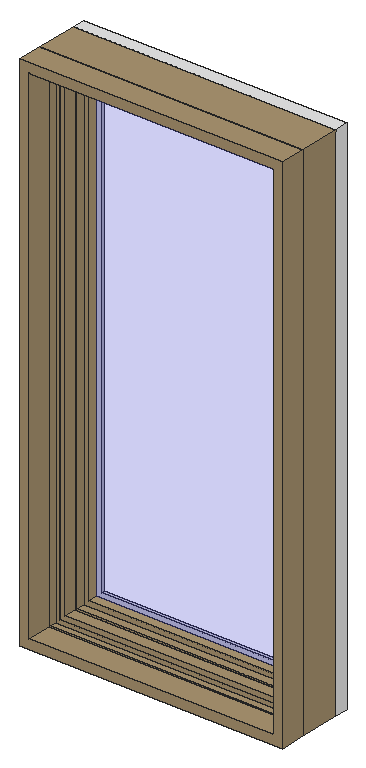
Revit family "Window-Casement-Pella-Architect-Contemporary-Vent-1", category Windows, host Wall, Revit 2013
Parameters (values of type "Casement No Grille")
  Warranty = "https://content.pella.com/cs/groups/public/documents/document/mdaw/mde3/~edisp/pel-017828.pdf?_ga=1.89380059.1797906072.1467308852"
  Wall Thickness [instance] = 0' - 6"
  Visual Light Transmittance = 0
  Vertical Grille Spacing = (Width - 0' 4 47/64") / (Vertical Mullions + 1)  # 0' - 6 27/64"
  Vertical Grille Offset = Vertical Grille Spacing  # 0' - 6 27/64"
  Traditional Grille Single Vertical = and(Traditional Lites Wide = 2, Traditional Grille)  # no
  Traditional Grille Single Horizontal = and(Traditional Lites High = 2, Traditional Grille)  # no
  Traditional Grille Array Vertical = and(Traditional Lites Wide > 2, Traditional Grille)  # no
  Traditional Grille = no
  Traditional Lites Wide = 2
  Nail Fin = yes
  Max Lites = 10  # constant formula
  Horizontal Mullions = if(and(Traditional Lites High < Max Lites, Traditional Lites High > 3), Traditional Lites High - 1, if(or(Traditional Lites High = Max Lites, Traditional Lites High > Max Lites), Max Lites - 1, 2))  # 2
  URL = "http://professional.pella.com"
  Type Comments = "Casement"  # constant formula
  Traditional Grille Array Horizontal = and(Traditional Lites High > 2, Traditional Grille)  # no
  Thermal Resistance (R) = 10.0000 (h·ft²·°F)/BTU
  Specification = "http://media.pella.com/professional/adm/Wood-CSI_Specs/08551.rtf"
  Solar Heat Gain Coefficient = 0
  Rough Width = Width + 0' 0 3/4"  # 2' - 0 3/4"
  Rough Height = Height + 0' 0 3/4"  # 4' - 0 3/4"
  Requested Height = 4' - 0"
  Product Page URL = "http://professional.pella.com/windows/product-details/casement-architect"
  Product Name = "Architect Series Contemporary"  # constant formula
  Product Documentation Link = "http://media.pella.com/professional/adm/Clad-Wood/CM_ASSZTAB.pdf"
  Prairie Offset = 0' - 3"  # constant formula
  Prairie Grille = no
  Operation = "Operable"  # constant formula
  Offset = 0' - 0"
  Mullions = 0' - 0 7/8"  # constant formula
  Model = "Casement Vent"  # constant formula
  Min Width = 1' - 5"  # constant formula
  Min Height = 1' - 5"  # constant formula
  Max Width = 2' - 11"  # constant formula
  Max Height = 6' - 1"  # constant formula
  Material = "Wood - Pine"  # constant formula
  Manufacturer = "Pella"  # constant formula
  Requested Width = 2' - 0"
  LEED = "http://professional.pella.com/support/leed"
  Jamb Extensions Depth [instance] = if(Jamb Extensions Calc > 0' 0 1/8", Jamb Extensions Calc, 0' 0 1/8")  # 0' - 2 9/32"
  Jamb Extensions Calc [instance] = if(Offset > 0' 0", Wall Thickness - 0' 3 23/32" + Offset, Wall Thickness - 0' 3 23/32" - Inset)  # 0' - 2 9/32"
  Jamb Extensions = yes
  Interior Finish = Wood-Pella-Pine
  Inset = 0' - 0"
  Horizontal Grille Spacing = (Height - 0' 4 47/64") / (Horizontal Mullions + 1)  # 1' - 2 27/64"
  Horizontal Grille Offset = Horizontal Grille Spacing  # 1' - 2 27/64"
  Traditional Lites High = 2
  Height = if(and(Requested Height < Max Height, Requested Height > Min Height), Requested Height, if(or(Requested Height = Max Height, Requested Height > Max Height), Max Height, Min Height))  # 4' - 0"
  Heat Transfer Coefficient (U) = 0.1000 BTU/(h·ft²·°F)
  Grille Width = Width - 0' 4 47/64"  # 1' - 7 17/64"
  Grille Height = Height - 0' 4 47/64"  # 3' - 7 17/64"
  Vertical Mullions = if(and(Traditional Lites Wide < Max Lites, Traditional Lites Wide > 2), Traditional Lites Wide - 1, if(or(Traditional Lites Wide = Max Lites, Traditional Lites Wide > Max Lites), Max Lites - 1, 2))  # 2
  Glazing = Glass-Pella-Low_E-Argon
  Glass Thickness = 0' - 0 11/16"  # constant formula
  Finish = Aluminum-Pella-EnduraClad-White
  Energy Star = "http://www.pella.com/features-options/energy-efficiency/energy-star/"
  Description = "Aluminum Clad Wood Window"  # constant formula
  Depth = 0' - 5 1/128"  # constant formula
  Default Sill Height = 3' - 0"  # constant formula
  Wall Closure = By host
  Width = if(and(Requested Width < Max Width, Requested Width > Min Width), Requested Width, if(or(Requested Width = Max Width, Requested Width > Max Width), Max Width, Min Width))  # 2' - 0"
  Cladding = "Aluminum"  # constant formula
  Assembly Code = "B2020130"
  Analytic Construction = "<None>"
Types (4): name | Visual Light Transmittance | Traditional Grille Single Vertical | Traditional Grille Single Horizontal | Traditional Grille | Thermal Resistance (R) | Solar Heat Gain Coefficient | Prairie Grille | Heat Transfer Coefficient (U) | Analytic Construction
  (no name) | 0 | no | no | no | 1.7611 m²·K/W | 0 | no | 0.56783 W/(m²·K) | "<None>"
  Casement Traditional Grille | 0.76 | yes | yes | yes | 2.8573 (h·ft²·°F)/BTU | 0.65 | no | 0.3500 BTU/(h·ft²·°F) | "Double glazing - 1/8 in thick - low-E/clear (e = 0.2) glass"
  Casement Prairie Grille | 0.76 | no | no | no | 2.8573 (h·ft²·°F)/BTU | 0.65 | yes | 0.3500 BTU/(h·ft²·°F) | "Double glazing - 1/8 in thick - low-E/clear (e = 0.2) glass"
  Casement No Grille | 0 | no | no | no | 10.0000 (h·ft²·°F)/BTU | 0 | no | 0.1000 BTU/(h·ft²·°F) | "<None>"
Reference planes (in)
  plane 1 "Center (Front/Back)": y = 0
  plane 2: z = 0
  plane 3 "Center (Left/Right)": x = 0
  plane 4 "Left": x = -12
  plane 5 "Right": x = 12
  plane 6 "Sill": z = 36
  plane 7 "Top": z = 84
  plane 8 "Nail Flange": y = 3
  plane 9 "Glass Front": y = 3.19273
  plane 10 "Glass Back": y = 2.50523
  plane 11 "Front": y = 4.2919
  plane 12 "Back": y = -0.71591
  plane 13 "Glass Bottom": z = 37.99998
  plane 14 "Glass Top": z = 82.00002
  plane 15 "Glass Left": x = -10.00002
  plane 16 "Glass Right": x = 10.00002
  plane 17 "Inset": y = 3
  plane 18 "Jamb Extension": y = -0.71875
  plane 19 "Grille Bottom": z = 38.36679
  plane 20: z = 81.63321
  plane 21: x = 9.63321
  plane 22: x = -9.63321
  plane 23 "Prarie Right": x = 6.63321
  plane 24 "Prarie Left": x = -6.63321
  plane 25 "Prarie Top": z = 78.63321
  plane 26 "Prarie Bottom": z = 41.36679
  plane 27 "Center (Elevation)": z = 60
Forms (in)
  Sweep 1, solid, material "Wood-Pella-Pine" <- "Interior Finish", detail levels medium+fine
    path origin (0, 3, 0) x (-1, 0, 0) y (0, 0, 1)
      loop
        line (-12, 36) -> (12, 36) -> (12, 84) -> (-12, 84) -> (-12, 36)
    profile origin (-12, 3, 60) x (1, 0, 0) y (0, 1, 0)
      loop
        line (0, -3.71591) -> (0.875, -3.71591) -> (0.875, -3.04312) -> (1.25, -3.04312) -> (1.25, -1.52632) -> (1.029, -1.52632) -> (1.029, -0.84457) -> (0.72995, -0.84457) -> (0.72995, 0.33204) -> (0.259, 0.33204) -> (0.259, 0.08771) -> (0, 0.08771) -> (0, -3.71591)
  Sweep 2, solid, material "Aluminum-Pella-EnduraClad-White" <- "Finish", detail levels medium+fine
    path origin (0, 3, 0) x (-1, 0, 0) y (0, 0, 1)
      loop
        line (-12, 36) -> (12, 36) -> (12, 84) -> (-12, 84) -> (-12, 36)
    profile origin (-12, 3, 60) x (1, 0, 0) y (0, 1, 0)
      loop
        line (0.72995, -0.35799) -> (0.814, -0.35799) -> (0.814, 0.08998) -> (0.76564, 0.64798) -> (0.76564, 1.2299) -> (0.57394, 1.2299) -> (0.36396, 1.2919) -> (0.197, 1.2919) -> (0.197, 0.9179) -> (0.09, 0.9179) -> (0.09, 1.24933) -> (0, 1.24933) -> (0, 0.0999) -> (0.259, 0.0999) -> (0.259, 0.33204) -> (0.72995, 0.33204) -> (0.72995, -0.35799)
      loop
        line (1.012, 0.30847) -> (1.88298, 0.30847) -> (1.88298, 0.19273) -> (2.45587, 0.19273) -> (2.36679, 0.63726) -> (1.012, 0.63726) -> (1.012, 0.30847)
  Extrusion 3, solid, material "Glass-Pella-Low_E-Argon" <- "Glazing"
    sketch origin (0, 0, 36) x (0, -1, 0) y (1, 0, 0)
      loop
        line (-2.50523, -10.00002) -> (-2.50523, 10.00002) -> (-3.19273, 10.00002) -> (-3.19273, -10.00002) -> (-2.50523, -10.00002)
    from 1.99998 to 46.00002
  Sweep 4, solid, material "Aluminum-Pella-EnduraClad-White" <- "Finish", detail levels coarse
    path origin (0, 3, 0) x (-1, 0, 0) y (0, 0, 1)
      loop
        line (-12, 36) -> (12, 36) -> (12, 84) -> (-12, 84) -> (-12, 36)
    profile origin (-12, 3, 60) x (1, 0, 0) y (0, 1, 0)
      loop
        line (0, 0) -> (2.46, 0) -> (2.46, 0.63726) -> (0.76564, 0.63726) -> (0.76564, 1.2919) -> (0, 1.2919) -> (0, 0)
  Sweep 5, solid, material "Wood-Pella-Pine" <- "Interior Finish", detail levels coarse
    path origin (0, 3, 0) x (-1, 0, 0) y (0, 0, 1)
      loop
        line (-12, 36) -> (12, 36) -> (12, 84) -> (-12, 84) -> (-12, 36)
    profile origin (-12, 3, 60) x (1, 0, 0) y (0, 1, 0)
      loop
        line (0, -3.71591) -> (1.719, -3.71591) -> (1.719, -1.11274) -> (2.46, -1.11274) -> (2.46, 0) -> (0, 0) -> (0, -3.71591)
  Sweep 6, solid, material "Wood-Pella-Pine" <- "Interior Finish", visible <- "Jamb Extensions"
    path origin (0, -0.71875, 0) x (-1, 0, 0) y (0, 0, 1)
      loop
        line (-12, 36) -> (12, 36) -> (12, 84) -> (-12, 84) -> (-12, 36)
    profile origin (-12, -0.71875, 60) x (1, 0, 0) y (0, 1, 0)
      loop
        line (0, -2.28125) -> (0.812, -2.28125) -> (0.812, 0) -> (0, 0) -> (0, -2.28125)
  Sweep 7, solid, material "Wood-Pella-Pine" <- "Interior Finish", detail levels medium+fine
    path origin (0, 2.50523, 0) x (-1, 0, 0) y (0, 0, 1)
      loop
        line (-12, 36) -> (12, 36) -> (12, 84) -> (-12, 84) -> (-12, 36)
    profile origin (-12, 2.50523, 60) x (1, 0, 0) y (0, 1, 0)
      loop
        line (1.25, 0.80325) -> (1.25, -2.54796) -> (1.719, -2.54796) -> (1.719, -1.40696) -> (1.875, -1.40696) -> (1.875, -0.61796) -> (2.344, -0.61796) -> (2.47535, 0) -> (1.88298, 0) -> (1.88298, 0.80325) -> (1.25, 0.80325)
Lines and regions (in)
  Opening 1
    outline origin (-60, -3, 0) x (1, 0, 0) y (0, 0, 1)
      loop
        line (48, 84) -> (48, 36) -> (72, 36) -> (72, 84) -> (48, 84)
  Masking region 1, detail levels coarse
    outline origin (0, 0, 36) x (0, -1, 0) y (1, 0, 0)
      loop
        line (-3.19273, -9.54) -> (-2.50523, -9.54) -> (-2.50523, 9.54) -> (-3.19273, 9.54) -> (-3.19273, -9.54)
  Masking region 2, detail levels coarse
    outline origin (0, 0, 0) x (0, 1, 0) y (0, 0, 1)
      loop
        line (3.19273, 38.46) -> (3.19273, 81.54) -> (2.50523, 81.54) -> (2.50523, 38.46) -> (3.19273, 38.46)
  Masking region 3, detail levels medium+fine
    outline origin (0, 0, 0) x (0, 1, 0) y (0, 0, 1)
      loop
        line (3.19273, 37.99998) -> (3.19273, 82.00002) -> (3.06773, 82.00002) -> (3.06773, 37.99998) -> (3.19273, 37.99998)
      loop
        line (2.63023, 37.99998) -> (2.63023, 82.00002) -> (2.50523, 82.00002) -> (2.50523, 37.99998) -> (2.63023, 37.99998)
  Masking region 4, detail levels medium+fine
    outline origin (0, 0, 36) x (0, -1, 0) y (1, 0, 0)
      loop
        line (-2.50523, -10.00002) -> (-2.50523, 10.00002) -> (-2.63023, 10.00002) -> (-2.63023, -10.00002) -> (-2.50523, -10.00002)
      loop
        line (-3.06773, -10.00002) -> (-3.06773, 10.00002) -> (-3.19273, 10.00002) -> (-3.19273, -10.00002) -> (-3.06773, -10.00002)
  Masking region 5, visible <- "Jamb Extensions"
    outline origin (0, 0, 60) x (1, 0, 0) y (0, 1, 0)
      loop
        line (-12, -3) -> (-11.188, -3) -> (-11.188, -0.71591) -> (-12, -0.71591) -> (-12, -3)
      loop
        line (11.188, -3) -> (12, -3) -> (12, -0.71591) -> (11.188, -0.71591) -> (11.188, -3)
  Masking region 6, visible <- "Jamb Extensions"
    outline origin (0, 0, 0) x (0, 1, 0) y (0, 0, 1)
      loop
        line (-0.71591, 36) -> (-0.71591, 36.812) -> (-3, 36.812) -> (-3, 36) -> (-0.71591, 36)
      loop
        line (-0.71591, 83.188) -> (-0.71591, 84) -> (-3, 84) -> (-3, 83.188) -> (-0.71591, 83.188)
  symbolic lines, style "Elevation Swing"
    curve 1: line (12, 4.2919, 36) -> (0, 4.2919, 84)
    curve 2: line (0, 4.2919, 84) -> (-12, 4.2919, 36)
Text (in)
  text "EXTERIOR" at (-58.6888, 50.90694, 0), in view "Ref. Level"
  text "INTERIOR" at (-58.6888, -37.76638, 0), in view "Ref. Level"
  text "Exterior" at (0, 43.65631, 123.19604), in view "Left"
  text "Exterior" at (0, 18.29385, 125.04747), in view "Right"
Dimensions and locks (in)
  equal spacing: plane 4 "Left", plane 3 "Center (Left/Right)", plane 5 "Right"
  "Width": plane 4 "Left" to plane 5 "Right"
  "Height": plane 6 "Sill" to plane 7 "Top"
  "Default Sill Height": plane 2 to plane 6 "Sill"
  locked: plane 9 "Glass Front" to plane 8 "Nail Flange" at 0.19273
  "Offset": plane 8 "Nail Flange" to plane 17 "Inset"
  locked: Masking region 1 sketch curve to plane 16 "Glass Right" at 0.46002
  locked: plane 15 "Glass Left" to Masking region 1 sketch curve at 0.46002
  locked: Masking region 2 sketch curve to plane 14 "Glass Top" at 0.46002
  locked: plane 13 "Glass Bottom" to Masking region 2 sketch curve at 0.46002
  locked: plane 9 "Glass Front" to Masking region 3 sketch curve at 0.125
  locked: Masking region 3 sketch curve to plane 10 "Glass Back" at 0.125
  locked: Masking region 4 sketch curve to plane 10 "Glass Back" at 0.125
  locked: plane 9 "Glass Front" to Masking region 4 sketch curve at 0.125
  locked: plane 11 "Front" to plane 8 "Nail Flange" at 1.2919
  "Depth": plane 11 "Front" to plane 12 "Back"
  plane 4 "Left" to Sweep 2 sketch curve to Sweep 2 sketch curve to Sweep 2 sketch curve to Sweep 2 sketch curve to Sweep 2 sketch curve to Sweep 2 sketch curve to Sweep 2 sketch curve to Sweep 2 sketch curve = 0' - 0.09" locked, 0' - 0.107" locked, 0' - 0.062" locked, 0' - 0.10496" locked, 0' - 0.20997" locked, 0' - 0.15601" locked, 0' - 0.0357" locked, 0' - 0.04836" locked
  plane 11 "Front" to Sweep 2 sketch curve to Sweep 2 sketch curve to Sweep 2 sketch curve to Sweep 2 sketch curve to Sweep 2 sketch curve to Sweep 2 sketch curve to Sweep 2 sketch curve to Sweep 2 sketch curve = 0' - 0.04257" locked, 0' - 0.01943" locked, 0' - 0.312" locked, 0' - 0.26992" locked, 0' - 0.31594" locked, 0' - 0.23214" locked, 0' - 0.00992" locked, 0' - 0.44797" locked
  locked: plane 6 "Sill" to plane 13 "Glass Bottom" at 1.99998
  locked: plane 7 "Top" to plane 14 "Glass Top" at 1.99998
  locked: plane 16 "Glass Right" to plane 5 "Right" at 1.99998
  locked: plane 4 "Left" to plane 15 "Glass Left" at 1.99998
  locked: Sweep 4 sketch curve to plane 8 "Nail Flange" at 0.63726
  plane 4 "Left" to Sweep 4 sketch curve to Sweep 4 sketch curve = 0' - 0 49/64" locked, 0' - 1.69436" locked
  locked: plane 8 "Nail Flange" to Sweep 5 sketch curve at 1.11274
  plane 4 "Left" to Sweep 5 sketch curve to Sweep 5 sketch curve = 0' - 1.719" locked, 0' - 0.741" locked
  "Inset": host wall to plane 17 "Inset"
  "Wall Thickness": host wall to host wall
  "Jamb Extensions Depth": host wall to plane 18 "Jamb Extension"
  locked: plane 4 "Left" to Sweep 6 sketch curve at 0.812
  locked: plane 20 to plane 7 "Top" at 2.36679
  locked: plane 6 "Sill" to plane 19 "Grille Bottom" at 2.36679
  locked: plane 5 "Right" to plane 21 at 2.36679
  locked: plane 4 "Left" to plane 22 at 2.36679
  "Prairie Offset": plane 19 "Grille Bottom" to plane 26 "Prarie Bottom"
  "Prairie Offset": plane 25 "Prarie Top" to plane 20
  "Prairie Offset": plane 21 to plane 23 "Prarie Right"
  "Prairie Offset": plane 24 "Prarie Left" to plane 22
  locked: nested 7 to plane 9 "Glass Front" at 0
  locked: nested 8 to plane 9 "Glass Front" at 0
  locked: plane 21 to nested 8 at 0.00237
  "Vertical Grille Offset": nested 9 to plane 21
  group 2 to group 1 = 0' - 6 27/64"
  group 1 to group 2 = 0' - 0"  (x2)
  "Vertical Grille Spacing": nested 10 to nested 9
  "Horizontal Grille Offset": plane 19 "Grille Bottom" to nested 11
  group 3 to group 4 = 0' - 0"  (x2)
  group 3 to group 4 = 1' - 2 27/64"
  "Horizontal Grille Spacing": nested 11 to nested 12
  locked: nested 12 to plane 21 at 0
  equal spacing: plane 6 "Sill", plane 27 "Center (Elevation)", plane 7 "Top"
  locked: nested 14 to plane 27 "Center (Elevation)"
  locked: plane 4 "Left" to Masking region 5 sketch curve at 0.812
  locked: Masking region 5 sketch curve to plane 5 "Right" at 0.812
  locked: Masking region 6 sketch curve to plane 7 "Top" at 0.812
  locked: plane 6 "Sill" to Masking region 6 sketch curve at 0.812
  "Glass Thickness": plane 9 "Glass Front" to plane 10 "Glass Back"
  Sweep 1 sketch curve to Sweep 1 sketch curve to Sweep 1 sketch curve to Sweep 1 sketch curve to Sweep 1 sketch curve to plane 18 "Jamb Extension" = 0' - 0.24433" locked, 0' - 0.93227" locked, 0' - 0.68175" locked, 0' - 1.5168" locked, 0' - 0.67563" locked
  plane 4 "Left" to Sweep 1 sketch curve to Sweep 1 sketch curve to Sweep 1 sketch curve to Sweep 1 sketch curve to Sweep 1 sketch curve = 0' - 0.259" locked, 0' - 0.47095" locked, 0' - 0.14505" locked, 0' - 0.154" locked, 0' - 0.221" locked
  Sweep 2 sketch curve to Sweep 2 sketch curve to plane 9 "Glass Front" = 0' - 0.32879" locked, 0' - 0.11575" locked
  Sweep 2 sketch curve to Sweep 2 sketch curve to plane 15 "Glass Left" to Sweep 2 sketch curve to Sweep 2 sketch curve = 0' - 0.87098" locked, 0' - 0.117" locked, 0' - 0.36681" locked, 0' - 0.08908" locked
  Sweep 7 sketch curve to plane 10 "Glass Back" to Sweep 7 sketch curve to Sweep 7 sketch curve to Sweep 7 sketch curve = 0' - 0.80325" locked, 0' - 0.61796" locked, 0' - 0.789" locked, 0' - 1.141" locked
  Sweep 7 sketch curve to Sweep 7 sketch curve to Sweep 7 sketch curve to Sweep 7 sketch curve to plane 15 "Glass Left" to Sweep 7 sketch curve to Sweep 7 sketch curve = 0' - 0.469" locked, 0' - 0.156" locked, 0' - 0.00798" locked, 0' - 0.117" locked, 0' - 0.34402" locked, 0' - 0.13135" locked
  aligned and locked: plane 7 "Top" to Opening 1 sketch curve
  aligned and locked: plane 6 "Sill" to Opening 1 sketch curve  (x2)
  aligned and locked: plane 5 "Right" to Opening 1 sketch curve
  aligned and locked: plane 4 "Left" to Opening 1 sketch curve
  aligned and locked: level to plane 2
  aligned and locked: nested 1 to plane 8 "Nail Flange"
  aligned and locked: nested 1 to plane 5 "Right"
  aligned and locked: plane 8 "Nail Flange" to nested 2
  aligned and locked: nested 2 to plane 4 "Left"
  aligned and locked: plane 8 "Nail Flange" to nested 3
  aligned and locked: nested 3 to plane 6 "Sill"
  aligned and locked: nested 4 to plane 8 "Nail Flange"
  aligned and locked: nested 4 to plane 7 "Top"
  aligned and locked: Masking region 1 sketch curve to plane 9 "Glass Front"
  aligned and locked: plane 10 "Glass Back" to Masking region 1 sketch curve
  aligned and locked: plane 10 "Glass Back" to Masking region 2 sketch curve
  aligned and locked: Masking region 2 sketch curve to plane 9 "Glass Front"
  aligned and locked: plane 10 "Glass Back" to Masking region 3 sketch curve
  aligned and locked: Masking region 3 sketch curve to plane 9 "Glass Front"
  aligned and locked: plane 9 "Glass Front" to Masking region 4 sketch curve
  aligned and locked: Masking region 4 sketch curve to plane 10 "Glass Back"
  aligned and locked: Sweep 1 sketch curve to plane 5 "Right"
  aligned and locked: plane 4 "Left" to Sweep 1 sketch curve  (x2)
  aligned and locked: Sweep 1 sketch curve to plane 7 "Top"
  aligned and locked: plane 6 "Sill" to Sweep 1 sketch curve
  aligned and locked: Sweep 1 sketch curve to plane 12 "Back"
  aligned and locked: Sweep 2 sketch curve to plane 5 "Right"
  aligned and locked: plane 4 "Left" to Sweep 2 sketch curve  (x2)
  aligned and locked: plane 6 "Sill" to Sweep 2 sketch curve
  aligned and locked: Sweep 2 sketch curve to plane 7 "Top"
  aligned and locked: plane 11 "Front" to Sweep 2 sketch curve
  aligned and locked: plane 10 "Glass Back" to Extrusion 3 sketch curve
  aligned and locked: Extrusion 3 sketch curve to plane 9 "Glass Front"
  aligned and locked: plane 15 "Glass Left" to Extrusion 3 sketch curve
  aligned and locked: plane 16 "Glass Right" to Extrusion 3 sketch curve
  aligned and locked: plane 15 "Glass Left" to Masking region 4 sketch curve  (x2)
  aligned and locked: plane 16 "Glass Right" to Masking region 4 sketch curve  (x2)
  aligned and locked: plane 13 "Glass Bottom" to Masking region 3 sketch curve  (x2)
  aligned and locked: Masking region 3 sketch curve to plane 14 "Glass Top"  (x2)
  aligned and locked: Extrusion 3 to plane 13 "Glass Bottom"
  aligned and locked: plane 14 "Glass Top" to Extrusion 3
  aligned and locked: plane 6 "Sill" to Sweep 4 sketch curve
  aligned and locked: Sweep 4 sketch curve to plane 5 "Right"
  aligned and locked: Sweep 4 sketch curve to plane 7 "Top"
  aligned and locked: plane 4 "Left" to Sweep 4 sketch curve  (x2)
  aligned and locked: plane 11 "Front" to Sweep 4 sketch curve
  aligned and locked: Sweep 4 sketch curve to plane 8 "Nail Flange"
  aligned and locked: plane 4 "Left" to Sweep 5 sketch curve  (x2)
  aligned and locked: Sweep 5 sketch curve to plane 5 "Right"
  aligned and locked: Sweep 5 sketch curve to plane 7 "Top"
  aligned and locked: plane 6 "Sill" to Sweep 5 sketch curve
  aligned and locked: Sweep 5 sketch curve to plane 12 "Back"
  aligned and locked: plane 8 "Nail Flange" to Sweep 5 sketch curve
  aligned and locked: Sweep 6 sketch curve to plane 5 "Right"
  aligned and locked: plane 4 "Left" to Sweep 6 sketch curve  (x2)
  aligned and locked: plane 6 "Sill" to Sweep 6 sketch curve
  aligned and locked: Sweep 6 sketch curve to plane 7 "Top"
  aligned and locked: plane 18 "Jamb Extension" to Sweep 6 sketch curve
  aligned and locked: host wall to Sweep 6 sketch curve
  aligned and locked: plane 9 "Glass Front" to nested 5
  aligned and locked: plane 23 "Prarie Right" to nested 5
  aligned and locked: plane 9 "Glass Front" to nested 6
  aligned and locked: plane 21 to nested 6
  aligned and locked: plane 26 "Prarie Bottom" to nested 6
  aligned and locked: plane 24 "Prarie Left" to nested 7
  aligned and locked: plane 25 "Prarie Top" to nested 8
  aligned and locked: plane 9 "Glass Front" to nested 9
  aligned and locked: plane 9 "Glass Front" to nested 10
  aligned and locked: plane 9 "Glass Front" to nested 11
  aligned and locked: plane 21 to nested 11
  aligned and locked: plane 9 "Glass Front" to nested 12
  aligned and locked: plane 9 "Glass Front" to nested 13
  aligned and locked: plane 3 "Center (Left/Right)" to nested 13
  aligned and locked: plane 9 "Glass Front" to nested 14
  aligned and locked: plane 21 to nested 14
  aligned and locked: plane 12 "Back" to Masking region 5 sketch curve  (x2)
  aligned and locked: host wall to Masking region 5 sketch curve  (x2)
  aligned and locked: plane 4 "Left" to Masking region 5 sketch curve
  aligned and locked: Masking region 5 sketch curve to plane 5 "Right"
  aligned and locked: Masking region 6 sketch curve to plane 6 "Sill"
  aligned and locked: Masking region 6 sketch curve to host wall  (x2)
  aligned and locked: Masking region 6 sketch curve to plane 12 "Back"  (x2)
  aligned and locked: plane 7 "Top" to Masking region 6 sketch curve
  aligned and locked: plane 9 "Glass Front" to Sweep 2 sketch curve
  aligned and locked: plane 6 "Sill" to Sweep 7 sketch curve
  aligned and locked: Sweep 7 sketch curve to plane 5 "Right"
  aligned and locked: Sweep 7 sketch curve to plane 7 "Top"
  aligned and locked: plane 4 "Left" to Sweep 7 sketch curve
  aligned and locked: Sweep 7 sketch curve to plane 10 "Glass Back"
  aligned and locked: plane 6 "Sill" to curve 2
  aligned and locked: plane 4 "Left" to curve 2
  aligned and locked: plane 6 "Sill" to curve 1
  aligned and locked: plane 5 "Right" to curve 1
  aligned and locked: plane 3 "Center (Left/Right)" to curve 1
  aligned and locked: plane 7 "Top" to curve 1
Nested families (in)
  nested 1: "Nested-Casement-Pella-Architect-Contemporary-Vent" at (12, 3, 36) x (0, -1, 0) z (0, 0, -1), type "Vent Casement"
  nested 2: "Nested-Casement-Pella-Architect-Contemporary-Vent" at (-12, 3, 36) x (0, -1, 0) z (0, 0, -1), type "Vent Casement"
  nested 3: "Nested-Casement-Pella-Architect-Contemporary-Vent" at (0, 3, 36) x (0, -1, 0) z (1, 0, 0), type "Vent Casement Sill"
  nested 4: "Nested-Casement-Pella-Architect-Contemporary-Vent" at (0, 3, 84) x (0, -1, 0) z (1, 0, 0), type "Vent Casement"
  nested 5: "Nested-Mullion-Pella" at (6.63321, 2.84898, 38.36679), visible <- "Prairie Grille", type "Vertical Mullion"
    with Height 3' - 7 17/64", Glass Thickness 0' - 0 11/16", Depth 0' - 1 7/16"
  nested 6: "Nested-Mullion-Pella" at (0.00039, 2.84898, 40.92929), visible <- "Prairie Grille", type "Horizontal Mullion"
    with Width 1' - 7 17/64", Glass Thickness 0' - 0 11/16", Depth 0' - 1 7/16"
  nested 7: "Nested-Mullion-Pella" at (-6.63321, 2.84898, 38.36679), visible <- "Prairie Grille", type "Vertical Mullion"
    with Height 3' - 7 17/64", Glass Thickness 0' - 0 11/16", Depth 0' - 1 7/16"
  nested 8: "Nested-Mullion-Pella" at (-0.00198, 2.84898, 78.19571), visible <- "Prairie Grille", type "Horizontal Mullion"
    with Width 1' - 7 17/64", Glass Thickness 0' - 0 11/16", Depth 0' - 1 7/16"
  nested 9: "Nested-Mullion-Pella" at (3.21133, 2.84898, 38.36679), visible <- "Traditional Grille Array Vertical", type "Vertical Mullion"
    with Height 3' - 7 17/64", Glass Thickness 0' - 0 11/16", Depth 0' - 1 7/16"
  nested 10: "Nested-Mullion-Pella" at (-3.21054, 2.84898, 38.36679), visible <- "Traditional Grille Array Vertical", type "Vertical Mullion"
    with Height 3' - 7 17/64", Glass Thickness 0' - 0 11/16", Depth 0' - 1 7/16"
  nested 11: "Nested-Mullion-Pella" at (0.00039, 2.84898, 52.35117), visible <- "Traditional Grille Array Horizontal", type "Horizontal Mullion"
    with Width 1' - 7 17/64", Glass Thickness 0' - 0 11/16", Depth 0' - 1 7/16"
  nested 12: "Nested-Mullion-Pella" at (0.00039, 2.84898, 66.77304), visible <- "Traditional Grille Array Horizontal", type "Horizontal Mullion"
    with Width 1' - 7 17/64", Glass Thickness 0' - 0 11/16", Depth 0' - 1 7/16"
  nested 13: "Nested-Mullion-Pella" at (0, 2.84898, 38.36679), visible <- "Traditional Grille Single Vertical", type "Vertical Mullion"
    with Height 3' - 7 17/64", Glass Thickness 0' - 0 11/16", Depth 0' - 1 7/16"
  nested 14: "Nested-Mullion-Pella" at (0.00039, 2.84898, 59.5625), visible <- "Traditional Grille Single Horizontal", type "Horizontal Mullion"
    with Width 1' - 7 17/64", Glass Thickness 0' - 0 11/16", Depth 0' - 1 7/16"
Definition of nested family "Nested-Mullion-Pella"
  Parameters (values of type "Vertical Mullion")
    Width = 0' - 0 7/8"
    Vertical = yes
    URL = "http://www.pella.com/"
    Type Comments = "Mullion"  # constant formula
    Model = "Mullion for Pella Models"  # constant formula
    Manufacturer = "Pella"  # constant formula
    Interior Finish = Wood-Pella-Pine
    Horizontal = no
    Height = 1' - 8 49/64"
    Glass Thickness = 0' - 0 13/16"
    Finish = Aluminum-Pella-EnduraClad-White
    Description = "For use with Pella Models"  # constant formula
    Depth = Glass Thickness + 0' 0 3/4"  # 0' - 1 9/16"
    Default Elevation = 4' - 0"
  Types (2): name | Width | Vertical | Horizontal | Height
    Horizontal Mullion | 1' - 8 49/64" | no | yes | 0' - 0 7/8"
    Vertical Mullion | 0' - 0 7/8" | yes | no | 1' - 8 49/64"
  Reference planes (in)
    plane 1 "Center (Front/Back)": y = 0
    plane 2 "Bottom": z = 0
    plane 3 "Center (Left/Right)": x = 0
    plane 4 "Left": x = -0.4375
    plane 5 "Right": x = 0.4375
    plane 6 "Front": y = -0.78125
    plane 7 "Back": y = 0.78125
    plane 8 "Top": z = 20.76563
    plane 9 "Glass Back": y = 0.40625
    plane 10 "Glass Front": y = -0.40625
    plane 11 "Center (Elevation)": z = 10.38281
  Forms (in)
    Extrusion 1, solid, material "Aluminum-Pella-EnduraClad-White" <- "Finish", detail levels medium+fine
      sketch origin (0, 0, 0) x (1, 0, 0) y (0, 1, 0)
        loop
          line (-0.4375, 0.78125) -> (-0.4375, 0.40625) -> (0.4375, 0.40625) -> (0.4375, 0.78125) -> (-0.4375, 0.78125)
      from 0 to 20.76562
    Extrusion 2, solid, material "Wood-Pella-Pine" <- "Interior Finish", detail levels medium+fine
      sketch origin (0, 0, 0) x (1, 0, 0) y (0, 1, 0)
        loop
          line (-0.4375, -0.40625) -> (-0.4375, -0.78125) -> (0.4375, -0.78125) -> (0.4375, -0.40625) -> (-0.4375, -0.40625)
      from 0 to 20.76562
    Extrusion 3, solid, material "Foam-Pella-Dark_Grey", detail levels medium+fine
      sketch origin (0, 0, 0) x (1, 0, 0) y (0, 1, 0)
        loop
          line (-0.25, -0.28125) -> (0.25, -0.28125) -> (0.25, 0.28125) -> (-0.25, 0.28125) -> (-0.25, -0.28125)
      from 0 to 20.76562
  Lines and regions (in)
    model lines, visible <- "Vertical", detail levels coarse
      curve 1: line (0, -0.40625, 0) -> (0, -0.40625, 20.76563)
      curve 2: line (0, 0.40625, 0) -> (0, 0.40625, 20.76563)
    model lines, visible <- "Horizontal", detail levels coarse
      curve 3: line (-0.4375, 0.40625, 10.38281) -> (0.4375, 0.40625, 10.38281)
      curve 4: line (-0.4375, -0.40625, 10.38281) -> (0.4375, -0.40625, 10.38281)
  Dimensions and locks (in)
    equal spacing: plane 4 "Left", plane 3 "Center (Left/Right)", plane 5 "Right"
    "Width": plane 4 "Left" to plane 5 "Right"
    "Height": plane 8 "Top" to level
    equal spacing: plane 10 "Glass Front", plane 1 "Center (Front/Back)", plane 9 "Glass Back"
    "Glass Thickness": plane 10 "Glass Front" to plane 9 "Glass Back"
    equal spacing: plane 7 "Back", plane 1 "Center (Front/Back)", plane 6 "Front"
    "Depth": plane 7 "Back" to plane 6 "Front"
    equal spacing: plane 8 "Top", plane 11 "Center (Elevation)", level
    locked: plane 10 "Glass Front" to Extrusion 3 sketch curve at 0.125
    locked: plane 9 "Glass Back" to Extrusion 3 sketch curve at 0.125
    locked: plane 4 "Left" to Extrusion 3 sketch curve at 0.1875
    locked: Extrusion 3 sketch curve to plane 5 "Right" at 0.1875
    aligned and locked: plane 2 "Bottom" to level
    aligned and locked: plane 3 "Center (Left/Right)" to curve 1
    aligned and locked: plane 8 "Top" to curve 1
    aligned and locked: level to curve 1
    aligned and locked: curve 2 to plane 3 "Center (Left/Right)"
    aligned and locked: plane 8 "Top" to curve 2
    aligned and locked: level to curve 2
    aligned and locked: plane 5 "Right" to curve 3
    aligned and locked: plane 4 "Left" to curve 3
    aligned and locked: plane 11 "Center (Elevation)" to curve 3
    aligned and locked: curve 4 to plane 11 "Center (Elevation)"
    aligned and locked: plane 5 "Right" to curve 4
    aligned and locked: plane 4 "Left" to curve 4
    aligned and locked: plane 9 "Glass Back" to Extrusion 1 sketch curve
    aligned and locked: Extrusion 1 sketch curve to plane 7 "Back"
    aligned and locked: Extrusion 1 sketch curve to plane 4 "Left"
    aligned and locked: Extrusion 1 sketch curve to plane 5 "Right"
    aligned and locked: plane 6 "Front" to Extrusion 2 sketch curve
    aligned and locked: plane 10 "Glass Front" to Extrusion 2 sketch curve
    aligned and locked: Extrusion 2 sketch curve to plane 4 "Left"
    aligned and locked: Extrusion 2 sketch curve to plane 5 "Right"
    aligned and locked: plane 8 "Top" to Extrusion 2
    aligned and locked: Extrusion 2 to level
    aligned and locked: plane 8 "Top" to Extrusion 1
    aligned and locked: Extrusion 1 to level
    aligned and locked: Extrusion 3 to level
    aligned and locked: plane 8 "Top" to Extrusion 3
Definition of nested family "Nested-Casement-Pella-Architect-Contemporary-Vent"
  Parameters (values of type "Vent Casement")
    Vent Jamb = not(Sill)  # yes
    Type Comments = "For use with Pella Architect Series Models"  # constant formula
    Sill = no
    Nail Fin = yes
    Glass Thickness = 0' - 0 11/16"
    Assembly Code = "B2020130"
  Types (2): name | Vent Jamb | Sill
    Vent Casement | yes | no
    Vent Casement Sill | no | yes
  Reference planes (in)
    plane 1 "Bottom Placement": y = 0
    plane 2: z = 0
    plane 3 "Center (Left/Right)": x = 0
    plane 4 "Back": x = 3.71496
    plane 5 "Front": x = -1.2919
    plane 6 "Glass Intersection": y = 1.99998
    plane 7 "Glass Front": x = -0.18976
    plane 8 "Glass Back": x = 0.49774
  Lines and regions (in)
    Filled region 1, type "Wood - Pella", in view "Ref. Level", detail levels medium+fine
      outline origin (0, 0, 0) x (1, 0, 0) y (0, 1, 0)
        loop
          line (3.15196, 0.081) -> (3.15196, 0) -> (3.71496, 0) -> (3.71496, 0.875) -> (3.04312, 0.875) -> (3.04312, 1.25) -> (2.90041, 1.25) -> (2.90041, 0.843) -> (2.38542, 0.843) -> (2.38542, 1.093) -> (1.839, 1.093) -> (1.839, 1.25) -> (1.52632, 1.25) -> (1.52632, 1.029) -> (0.84457, 1.029) -> (0.84457, 0.774) -> (0.38931, 0.774) -> (0.38931, 0.6938) -> (-0.08795, 0.6938) -> (-0.08795, 0.75022) -> (-0.15701, 0.75022) -> (-0.33204, 0.52355) -> (-0.33204, 0.422) -> (-0.14985, 0.259) -> (-0.09407, 0.259) -> (-0.09407, 0.313) -> (0.00845, 0.313) -> (0.00845, 0.081) -> (3.15196, 0.081)
    Filled region 2, type "Wood - Pella", in view "Ref. Level", detail levels medium+fine
      outline origin (0, 0, 0) x (1, 0, 0) y (0, 1, 0)
        loop
          line (1.11274, 1.25) -> (1.11274, 2.344) -> (0.49774, 2.47472) -> (0.49774, 2.222) -> (0.56674, 2.222) -> (0.56674, 1.88298) -> (-0.25656, 1.88298) -> (-0.25656, 1.796) -> (-0.38426, 1.796) -> (-0.38426, 1.866) -> (-0.57908, 1.81947) -> (-0.60226, 1.38) -> (-0.36742, 1.25) -> (-0.36742, 1.445) -> (-0.26481, 1.445) -> (-0.26481, 1.25) -> (-0.04026, 1.25) -> (-0.04026, 1.315) -> (0.47574, 1.315) -> (0.47574, 1.25) -> (1.11274, 1.25)
    Masking region 1, in view "Ref. Level", detail levels medium+fine
      outline origin (0, 0, 0) x (1, 0, 0) y (0, 1, 0)
        loop
          line (-1.1063, 0) -> (-1.04986, 0.02362) -> (-0.2799, 0.02362)
          arc (-0.2799, 0.02362) -> (-0.25144, 0.04367) -> (-0.25679, 0.07807) r 0.033
          line (-0.25679, 0.07807) -> (-0.24489, 0.214) -> (-0.1449, 0.214) -> (-0.1449, 0.07562)
          arc (-0.1449, 0.07562) -> (-0.14158, 0.03402) -> (-0.0999, 0.03196) r 0.03161
          line (-0.0999, 0.03196) -> (-0.0999, 0.20433) -> (-0.03496, 0.20433) -> (-0.03496, 0.29969) -> (-0.08183, 0.29969) -> (-0.08183, 0.259) -> (-0.28613, 0.259) -> (-0.30266, 0.07) -> (-0.8729, 0.07) -> (-0.8729, 0.242) -> (-1.2469, 0.242) -> (-1.2469, 0.35779) -> (-1.1849, 0.56776) -> (-1.1849, 0.71877) -> (-0.64595, 0.71877) -> (-0.08795, 0.76713) -> (-0.08795, 0.72995) -> (-0.05389, 0.72995) -> (0.01051, 0.76713) -> (0.35799, 0.76713) -> (0.35799, 0.814) -> (-0.08998, 0.814) -> (-0.64798, 0.76564) -> (-1.2299, 0.76564) -> (-1.2299, 0.57394) -> (-1.2919, 0.36396) -> (-1.2919, 0.197) -> (-0.9179, 0.197) -> (-0.9179, 0.09) -> (-1.20133, 0.09)
          arc (-1.20133, 0.09) -> (-1.24784, 0.0541) -> (-1.2249, 0) r 0.04809
          line (-1.2249, 0) -> (-1.1063, 0)
        loop
          line (-0.63726, 1.012) -> (-0.46027, 1.012) -> (-0.46027, 1.09838) -> (-0.56827, 1.18307) -> (-0.56827, 1.21875) -> (-0.30847, 1.21875) -> (-0.30847, 1.30814) -> (-0.33972, 1.30814) -> (-0.33972, 1.25) -> (-0.59952, 1.25) -> (-0.59952, 1.16786) -> (-0.49152, 1.08317) -> (-0.49152, 1.04325) -> (-0.60601, 1.04325) -> (-0.60601, 2.34118) -> (-0.29274, 2.40396) -> (-0.29274, 2.14689) -> (-0.58174, 1.95195) -> (-0.58174, 1.866) -> (-0.35538, 1.866) -> (-0.35538, 1.81889) -> (-0.32413, 1.81889) -> (-0.32413, 1.89725) -> (-0.55377, 1.89725) -> (-0.55377, 1.93312) -> (-0.26149, 2.13027) -> (-0.26149, 2.34654) -> (-0.19273, 2.34654) -> (-0.19273, 2.45587) -> (-0.63726, 2.36679) -> (-0.63726, 1.012)
    Masking region 2, in view "Ref. Level", visible <- "Nail Fin", detail levels fine
      outline origin (0, 0, 0) x (1, 0, 0) y (0, 1, 0)
        loop
          line (-0.14503, 0.08096) -> (-0.15471, 0.214) -> (-0.24621, 0.214) -> (-0.24621, -0.02866) -> (-0.03125, -0.02866) -> (-0.03125, -1.23276) -> (0, -1.23276) -> (0, 0.00259) -> (-0.21496, 0.00259) -> (-0.21496, 0.18191) -> (-0.18371, 0.18191) -> (-0.17636, 0.08096) -> (-0.14503, 0.08096)
    Masking region 3, in view "Ref. Level", detail levels coarse
      outline origin (0, 0, 0) x (1, 0, 0) y (0, 1, 0)
        loop
          line (-1.2919, 0) -> (3.71496, 0) -> (3.71496, 1.719) -> (1.11274, 1.719) -> (1.11274, 2.46) -> (-0.63726, 2.46) -> (-0.63726, 0.76564) -> (-1.2919, 0.76564) -> (-1.2919, 0)
    Filled region 3, type "Wood - Pella", in view "Ref. Level", visible <- "Sill", detail levels medium+fine
      outline origin (0, 0, 0) x (1, 0, 0) y (0, 1, 0)
        loop
          line (1.15475, 2.21825) -> (1.15475, 1.49725) -> (1.25379, 1.49725) -> (1.25379, 1.179) -> (1.34123, 1.179) -> (1.34123, 1.25) -> (1.8639, 1.25) -> (1.8639, 1.177) -> (2.87948, 1.177) -> (2.87948, 1.2545) -> (3.04274, 1.2545) -> (3.04274, 1.73332) -> (2.86372, 1.95439) -> (2.39653, 2.06225) -> (1.89653, 2.06225) -> (1.89653, 2.21825) -> (1.15475, 2.21825)
    Filled region 4, type "Wood - Pella", in view "Ref. Level", visible <- "Vent Jamb", detail levels medium+fine
      outline origin (0, 0, 0) x (1, 0, 0) y (0, 1, 0)
        loop
          line (1.15174, 1.875) -> (1.12294, 1.49725) -> (1.25379, 1.49725) -> (1.25379, 1.179) -> (1.34123, 1.179) -> (1.34123, 1.25) -> (1.8639, 1.25) -> (1.8639, 1.177) -> (2.24984, 1.177) -> (2.24984, 1.45229) -> (2.37991, 1.45229) -> (2.37991, 1.177) -> (2.87948, 1.177) -> (2.87948, 1.2545) -> (3.04274, 1.2545) -> (3.04274, 1.719) -> (1.90174, 1.719) -> (1.90174, 1.875) -> (1.15174, 1.875)
  Dimensions and locks (in)
    locked: plane 5 "Front" to plane 3 "Center (Left/Right)" at 1.2919
    locked: plane 3 "Center (Left/Right)" to plane 4 "Back" at 3.71496
    locked: plane 7 "Glass Front" to plane 3 "Center (Left/Right)" at 0.18976
    "Glass Thickness": plane 7 "Glass Front" to plane 8 "Glass Back"
    plane 1 "Bottom Placement" to Masking region 1 sketch curve to Masking region 1 sketch curve to Masking region 1 sketch curve to Masking region 1 sketch curve to Masking region 1 sketch curve to Masking region 1 sketch curve to Masking region 1 sketch curve to Masking region 1 sketch curve to Masking region 1 sketch curve to Masking region 1 sketch curve to Masking region 1 sketch curve to Masking region 1 sketch curve to Masking region 1 sketch curve to Masking region 1 sketch curve to Masking region 1 sketch curve to Masking region 1 sketch curve to Masking region 1 sketch curve to Masking region 1 sketch curve to Masking region 1 sketch curve to Masking region 1 sketch curve to Masking region 1 sketch curve to Masking region 1 sketch curve to Masking region 1 sketch curve to Masking region 1 sketch curve to Masking region 1 sketch curve = 0' - 0.02362" locked, 0' - 0.00148" locked, 0' - 0.00687" locked, 0' - 0.00995" locked, 0' - 0.01465" locked, 0' - 0.01344" locked, 0' - 0.00562" locked, 0' - 0.00244" locked, 0' - 0.01193" locked, 0' - 0.107" locked, 0' - 0.00733" locked, 0' - 0.00967" locked, 0' - 0.028" locked, 0' - 0.017" locked, 0' - 0.04069" locked, 0' - 0.0581" locked, 0' - 0.00617" locked, 0' - 0.2038" locked, 0' - 0.00617" locked, 0' - 0.14483" locked, 0' - 0.01118" locked, 0' - 0.0357" locked, 0' - 0.00148" locked, 0' - 0" locked, 0' - 0 3/64" locked
    plane 5 "Front" to Masking region 1 sketch curve to Masking region 1 sketch curve to Masking region 1 sketch curve to Masking region 1 sketch curve to Masking region 1 sketch curve to Masking region 1 sketch curve to Masking region 1 sketch curve to Masking region 1 sketch curve to Masking region 1 sketch curve to Masking region 1 sketch curve to Masking region 1 sketch curve to Masking region 1 sketch curve to Masking region 1 sketch curve to Masking region 1 sketch curve to Masking region 1 sketch curve to Masking region 1 sketch curve to Masking region 1 sketch curve to Masking region 1 sketch curve to Masking region 1 sketch curve to Masking region 1 sketch curve to Masking region 1 sketch curve to Masking region 1 sketch curve to Masking region 1 sketch curve to Masking region 1 sketch curve to Masking region 1 sketch curve to Masking region 1 sketch curve to Masking region 1 sketch curve to Masking region 1 sketch curve = 0' - 0.04249" locked, 0' - 0.00251" locked, 0' - 0.017" locked, 0' - 0.005" locked, 0' - 0.02357" locked, 0' - 0.01643" locked, 0' - 0.0786" locked, 0' - 0.05644" locked, 0' - 0.13196" locked, 0' - 0.045" locked, 0' - 0.22492" locked, 0' - 0.00203" locked, 0' - 0.34328" locked, 0' - 0.01654" locked, 0' - 0.00431" locked, 0' - 0.00192" locked, 0' - 0.02311" locked, 0' - 0.01189" locked, 0' - 0.1" locked, 0' - 0.02533" locked, 0' - 0.01967" locked, 0' - 0.00992" locked, 0' - 0.00203" locked, 0' - 0.00612" locked, 0' - 0.02794" locked, 0' - 0.01893" locked, 0' - 0.04547" locked, 0' - 0.34748" locked
    Masking region 2 sketch curve to Masking region 2 sketch curve to plane 1 "Bottom Placement" to Masking region 2 sketch curve to Masking region 2 sketch curve to Masking region 2 sketch curve to Masking region 2 sketch curve = 0' - 1.2041" locked, 0' - 0.02866" locked, 0' - 0.00259" locked, 0' - 0.07836" locked, 0' - 0.10096" locked, 0' - 0.03209" locked
    Masking region 2 sketch curve to Masking region 2 sketch curve to Masking region 2 sketch curve to Masking region 2 sketch curve to Masking region 2 sketch curve to Masking region 2 sketch curve to Masking region 2 sketch curve to plane 3 "Center (Left/Right)" = 0' - 0 1/32" locked, 0' - 0 1/32" locked, 0' - 0.00735" locked, 0' - 0.02165" locked, 0' - 0.00968" locked, 0' - 0.11378" locked, 0' - 0 1/32" locked
    plane 1 "Bottom Placement" to Masking region 3 sketch curve to Masking region 3 sketch curve to Masking region 3 sketch curve = 0' - 0 49/64" locked, 0' - 0.95336" locked, 0' - 0.741" locked
    locked: Masking region 3 sketch curve to plane 7 "Glass Front" at 0.4475
    locked: plane 8 "Glass Back" to Masking region 3 sketch curve at 0.615
    Masking region 1 sketch curve to Masking region 1 sketch curve to Masking region 1 sketch curve to Masking region 1 sketch curve to Masking region 1 sketch curve to Masking region 1 sketch curve to Masking region 1 sketch curve to Masking region 1 sketch curve to Masking region 1 sketch curve to Masking region 1 sketch curve to Masking region 1 sketch curve to Masking region 1 sketch curve to Masking region 1 sketch curve to Masking region 1 sketch curve to Masking region 1 sketch curve to plane 7 "Glass Front" = 0' - 0 1/32" locked, 0' - 0.0065" locked, 0' - 0.01778" locked, 0' - 0.01347" locked, 0' - 0.0145" locked, 0' - 0.06225" locked, 0' - 0 1/32" locked, 0' - 0.1049" locked, 0' - 0.01565" locked, 0' - 0.0156" locked, 0' - 0.01565" locked, 0' - 0.01574" locked, 0' - 0 1/32" locked, 0' - 0.06876" locked, 0' - 0.00296" locked
    Masking region 1 sketch curve to Masking region 1 sketch curve to Masking region 1 sketch curve to Masking region 1 sketch curve to Masking region 1 sketch curve to Masking region 1 sketch curve to Masking region 1 sketch curve to Masking region 1 sketch curve to Masking region 1 sketch curve to Masking region 1 sketch curve to Masking region 1 sketch curve to Masking region 1 sketch curve to Masking region 1 sketch curve to Masking region 1 sketch curve to plane 6 "Glass Intersection" to Masking region 1 sketch curve to Masking region 1 sketch curve to Masking region 1 sketch curve to Masking region 1 sketch curve to Masking region 1 sketch curve to Masking region 1 sketch curve to Masking region 1 sketch curve = 0' - 0 1/32" locked, 0' - 0.03992" locked, 0' - 0.01521" locked, 0' - 0.06948" locked, 0' - 0.01521" locked, 0' - 0.03568" locked, 0' - 0 1/32" locked, 0' - 0.05814" locked, 0' - 0.51076" locked, 0' - 0.04711" locked, 0' - 0 1/32" locked, 0' - 0.03587" locked, 0' - 0.01883" locked, 0' - 0.04803" locked, 0' - 0.13029" locked, 0' - 0.01662" locked, 0' - 0.1943" locked, 0' - 0.00535" locked, 0' - 0.02026" locked, 0' - 0.03716" locked, 0' - 0.05191" locked
    locked: plane 6 "Glass Intersection" to plane 1 "Bottom Placement" at 1.99998
    Filled region 2 sketch curve to Filled region 2 sketch curve to Filled region 2 sketch curve to plane 6 "Glass Intersection" to Filled region 2 sketch curve to Filled region 2 sketch curve to Filled region 2 sketch curve to Filled region 2 sketch curve to Filled region 2 sketch curve to Filled region 2 sketch curve to Filled region 2 sketch curve to Filled region 2 sketch curve to Filled region 2 sketch curve to Filled region 2 sketch curve = 0' - 0.13072" locked, 0' - 0.122" locked, 0' - 0.22202" locked, 0' - 0.117" locked, 0' - 0.01698" locked, 0' - 0.04653" locked, 0' - 0.02347" locked, 0' - 0.351" locked, 0' - 0.065" locked, 0' - 0.065" locked, 0' - 0.065" locked, 0' - 0" locked, 0' - 0" locked
    Filled region 2 sketch curve to Filled region 2 sketch curve to Filled region 2 sketch curve to Filled region 2 sketch curve to Filled region 2 sketch curve to Filled region 2 sketch curve to Filled region 2 sketch curve to Filled region 2 sketch curve to plane 8 "Glass Back" to Filled region 2 sketch curve to Filled region 2 sketch curve to Filled region 2 sketch curve = 0' - 0.02318" locked, 0' - 0.19482" locked, 0' - 0.01685" locked, 0' - 0.1026" locked, 0' - 0.00826" locked, 0' - 0.21629" locked, 0' - 0.516" locked, 0' - 0.022" locked, 0' - 0" locked, 0' - 0.069" locked, 0' - 0.546" locked
    plane 1 "Bottom Placement" to Filled region 1 sketch curve to Filled region 1 sketch curve to Filled region 1 sketch curve to Filled region 1 sketch curve to Filled region 1 sketch curve to Filled region 1 sketch curve to Filled region 1 sketch curve to Filled region 1 sketch curve to Filled region 1 sketch curve to Filled region 1 sketch curve to Filled region 1 sketch curve to Filled region 1 sketch curve to Filled region 1 sketch curve to Filled region 1 sketch curve = 0' - 0.081" locked, 0' - 0.178" locked, 0' - 0.054" locked, 0' - 0.109" locked, 0' - 0 13/128" locked, 0' - 0.17025" locked, 0' - 0.05642" locked, 0' - 0.02378" locked, 0' - 0.069" locked, 0' - 0.032" locked, 0' - 0.154" locked, 0' - 0.064" locked, 0' - 0.157" locked, 0' - 0" locked
    Filled region 1 sketch curve to Filled region 1 sketch curve to Filled region 1 sketch curve to Filled region 1 sketch curve to Filled region 1 sketch curve to Filled region 1 sketch curve to Filled region 1 sketch curve to Filled region 1 sketch curve to Filled region 1 sketch curve to Filled region 1 sketch curve to Filled region 1 sketch curve to Filled region 1 sketch curve to Filled region 1 sketch curve to Filled region 1 sketch curve to plane 4 "Back" = 0' - 0.17502" locked, 0' - 0.00716" locked, 0' - 0.05578" locked, 0' - 0.00613" locked, 0' - 0.0964" locked, 0' - 0.38086" locked, 0' - 0.45526" locked, 0' - 0.68175" locked, 0' - 0.31268" locked, 0' - 0.54642" locked, 0' - 0.51499" locked, 0' - 0.14271" locked, 0' - 0.10884" locked, 0' - 0.563" locked
    plane 8 "Glass Back" to Filled region 3 sketch curve to Filled region 3 sketch curve to Filled region 3 sketch curve to Filled region 3 sketch curve to Filled region 3 sketch curve to Filled region 3 sketch curve to Filled region 3 sketch curve to Filled region 3 sketch curve to Filled region 3 sketch curve = 0' - 0.65702" locked, 0' - 0.09904" locked, 0' - 0.08744" locked, 0' - 0.52267" locked, 0' - 0.03263" locked, 0' - 0 1/2" locked, 0' - 0.46719" locked, 0' - 0.01576" locked, 0' - 0.16326" locked
    plane 1 "Bottom Placement" to Filled region 3 sketch curve to Filled region 3 sketch curve to Filled region 3 sketch curve to Filled region 3 sketch curve to Filled region 3 sketch curve to Filled region 3 sketch curve to Filled region 3 sketch curve to Filled region 3 sketch curve to Filled region 3 sketch curve = 0' - 1.177" locked, 0' - 0.002" locked, 0' - 0.071" locked, 0' - 0.0045" locked, 0' - 0.24275" locked, 0' - 0.23608" locked, 0' - 0.22107" locked, 0' - 0.10786" locked, 0' - 0.156" locked
    plane 1 "Bottom Placement" to Filled region 4 sketch curve to Filled region 4 sketch curve to Filled region 4 sketch curve to Filled region 4 sketch curve to Filled region 4 sketch curve to Filled region 4 sketch curve to Filled region 4 sketch curve to Filled region 4 sketch curve to Filled region 4 sketch curve = 0' - 1.177" locked, 0' - 0" locked, 0' - 0.002" locked, 0' - 0.071" locked, 0' - 0.0045" locked, 0' - 0.19779" locked, 0' - 0.04496" locked, 0' - 0.22175" locked, 0' - 0.156" locked
    aligned and locked: plane 1 "Bottom Placement" to Filled region 1 sketch curve
    aligned and locked: Filled region 1 sketch curve to plane 4 "Back"
    aligned and locked: Masking region 1 sketch curve to plane 1 "Bottom Placement"
    aligned and locked: Masking region 1 sketch curve to plane 5 "Front"
    aligned and locked: Masking region 2 sketch curve to plane 3 "Center (Left/Right)"
    aligned and locked: plane 1 "Bottom Placement" to Masking region 3 sketch curve
    aligned and locked: Masking region 3 sketch curve to plane 4 "Back"
    aligned and locked: plane 5 "Front" to Masking region 3 sketch curve
  Automatic sketch dimensions
    plane 4 "Back" to Filled region 4 sketch curve = 0' - 2.59202"
    Filled region 4 sketch curve to Filled region 4 sketch curve = 0' - 0.0288"
    Filled region 4 sketch curve to Filled region 4 sketch curve = 0' - 0.13085"
    Filled region 4 sketch curve to Filled region 4 sketch curve = 0' - 0.08744"
    Filled region 4 sketch curve to Filled region 4 sketch curve = 0' - 0.52267"
    Filled region 4 sketch curve to Filled region 4 sketch curve = 0' - 0.03783"
    Filled region 4 sketch curve to Filled region 4 sketch curve = 0' - 0.38594"
    Filled region 4 sketch curve to Filled region 4 sketch curve = 0' - 0.13007"
    Filled region 4 sketch curve to Filled region 4 sketch curve = 0' - 0.49957"
    Filled region 4 sketch curve to Filled region 4 sketch curve = 0' - 0.16326"
